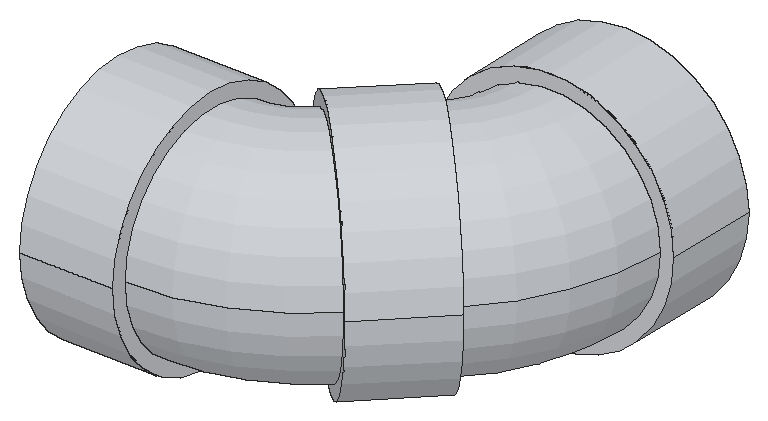
Revit family "DoppelBogen HT", category Rohrfittings, Revit 2012
Parameters (values of type "Standard")
  MuffenRadius [instance] = size_lookup("HTConnector.csv", "Rad", 0.57 * Nenndurchmesser - 0.6 mm, Nenndurchmesser)  # 79.2 mm
  Muffenlänge [instance] = size_lookup("HTConnector.csv", "Lgt", 0.18 * Nenndurchmesser + 34.8 mm, Nenndurchmesser)  # 60 mm
  MuffenDurchmesser [instance] = MuffenRadius * 2  # 158.4 mm
  FittingWinkel [instance] = 90.00°
  Außen-Radius [instance] = size_lookup("HTConnector.csv", "ORad", 0.53 * Nenndurchmesser - 0.6 mm, Nenndurchmesser)  # 73.6 mm
  Nennradius [instance] = 70 mm
  Nenndurchmesser [instance] = Nennradius * 2  # 140 mm
  Verlustberechnungsmethode = K-Koeffizient aus Tabelle
  Name der Abruftabelle = "Elbow HT.csv"
  K Coefficient Table = (empty or 0)
  Abstand Mittelpunkt Ende [instance] = (sin(Winkel) * Muffenlänge) + Bogenradius  # 122.426 mm
  Bogenradius [instance] = size_lookup(Name der Abruftabelle, "CRad", 0.54 * Nenndurchmesser + 4.4 mm, Nenndurchmesser, Winkel)  # 80 mm
  Winkel [instance] = 45.00°
Reference planes
  plane 1 "Mitte (Vorne/Hinten)": y = 0
  plane 2: z = 0
  plane 3 "Mitte (Links/Rechts)": x = 0
  plane 4: x = -122.426
  plane 5: y = 80
  plane 6: x = -182.426
  plane 7: y = 122.426
  plane 8: x = -80
  plane 9: y = 182.426
Forms (mm)
  Sweep 1, solid, detail levels fine
    path in 3D
      loop
        line (-182.426, 0, 0) -> (-122.426, 0, 0)
    profile origin (-152.426, 0, 0) x (0, 1, 0) y (0, 0, 1)
      loop
        circle (0, 0) r 79.2
  Sweep 2, solid, detail levels fine
    path in 3D
      loop
        arc (-122.426, 0, 0) -> (-91.812, 6.09, 0) -> (-65.858, 23.431, 0) r 80
    profile "HT_Profile : Fitting" origin (-91.812, 6.09, 0) x (-0.382683, 0.92388, 0) y (0, 0, 1)
      loop
        circle (0, 0) r 70
  Sweep 3, solid, detail levels fine
    path in 3D
      loop
        line (-65.858, 23.431, 0) -> (-23.431, 65.858, 0)
    profile origin (-44.645, 44.645, 0) x (-0.707107, 0.707107, 0) y (0, 0, 1)
      loop
        circle (0, 0) r 79.2
  Sweep 4, solid
    path in 3D
      loop
        arc (-23.431, 65.858, 0) -> (-6.09, 91.812, 0) -> (0, 122.426, 0) r 80
    profile "HT_Profile : Fitting" origin (-6.09, 91.812, 0) x (-0.92388, 0.382683, 0) y (0, 0, 1)
      loop
        circle (0, 0) r 70
  Sweep 5, solid
    path in 3D
      loop
        line (0, 122.426, 0) -> (0, 182.426, 0)
    profile "HT_Profile : Coupling" origin (0, 152.426, 0) x (-1, 0, 0) y (0, 0, 1)
      loop
        circle (0, 0) r 79.2
Lines and regions (mm)
  reference lines
    curve 1: line (-182.426, 0, 0) -> (-122.426, 0, 0)
    curve 2: arc (-122.426, 0, 0) -> (-91.812, 6.09, 0) -> (-65.858, 23.431, 0) r 80
    curve 3: line (-65.858, 23.431, 0) -> (-23.431, 65.858, 0)
    curve 16: arc (-23.431, 65.858, 0) -> (-6.09, 91.812, 0) -> (0, 122.426, 0) r 80
    curve 17: line (0, 122.426, 0) -> (0, 182.426, 0)
  sketch lines
    curve 4: line (-182.426, 0, 0) -> (-122.426, 0, 0)
    curve 5: arc (-122.426, 0, 0) -> (-91.812, 6.09, 0) -> (-65.858, 23.431, 0) r 80
    curve 6: line (-65.858, 23.431, 0) -> (-23.431, 65.858, 0)
    curve 18: arc (-23.431, 65.858, 0) -> (-6.09, 91.812, 0) -> (0, 122.426, 0) r 80
    curve 19: line (0, 122.426, 0) -> (0, 182.426, 0)
  model lines, detail levels coarse+medium
    curve 7: line (-182.426, 0, 0) -> (-122.426, 0, 0)
    curve 8: arc (-122.426, 0, 0) -> (-91.812, 6.09, 0) -> (-65.858, 23.431, 0) r 80
    curve 9: line (-65.858, 23.431, 0) -> (-23.431, 65.858, 0)
    curve 10: line (-182.426, 70, 0) -> (-182.426, -70, 0)
  model lines, style "Symbol", detail levels coarse+medium
    curve 11: line (-182.426, 0, 0) -> (-122.426, 0, 0)
    curve 12: arc (-122.426, 0, 0) -> (-91.812, 6.09, 0) -> (-65.858, 23.431, 0) r 80
    curve 13: line (-65.858, 23.431, 0) -> (-23.431, 65.858, 0)
    curve 14: line (-182.426, 0, 70) -> (-182.426, 0, -70)
    curve 15: line (-182.426, 70, 0) -> (-182.426, -70, 0)
Dimensions and locks
  "Abstand Mittelpunkt Ende": plane 4 to plane 3 "Mitte (Links/Rechts)"
  "Bogenradius": plane 5 to plane 1 "Mitte (Vorne/Hinten)"
  "Muffenlänge": plane 6 to plane 4
  "Muffenlänge": curve 3 to curve 3
  locked: plane 5 to curve 2 at 0
  locked: curve 2 to plane 4 at 0
  "Muffenlänge": curve 9 to curve 9
  equal spacing: curve 10, plane 1 "Mitte (Vorne/Hinten)", curve 10
  "Nennradius": plane 1 "Mitte (Vorne/Hinten)" to curve 10
  "Muffenlänge": curve 13 to curve 13
  equal spacing: curve 14, plane 2, curve 14
  "Nennradius": curve 14 to plane 2
  equal spacing: curve 15, plane 1 "Mitte (Vorne/Hinten)", curve 15
  "Nennradius": plane 1 "Mitte (Vorne/Hinten)" to curve 15
  "Abstand Mittelpunkt Ende": plane 1 "Mitte (Vorne/Hinten)" to plane 7
  "Bogenradius": plane 8 to plane 3 "Mitte (Links/Rechts)"
  "Muffenlänge": plane 9 to plane 7
  "Bogenradius": radius of curve 2
  "MuffenRadius": radius of Sweep 1 sketch curve
  "MuffenRadius": radius of Sweep 3 sketch curve
  "Bogenradius": radius of curve 8
  "Bogenradius": radius of curve 12
  "Bogenradius": radius of curve 16
  "Winkel": angle curve 2 to curve 2
  "Winkel": angle plane 1 "Mitte (Vorne/Hinten)" to curve 3
  "Winkel": angle curve 8 to curve 8
  "Winkel": angle plane 1 "Mitte (Vorne/Hinten)" to curve 9
  "Winkel": angle curve 12 to curve 12
  "Winkel": angle plane 1 "Mitte (Vorne/Hinten)" to curve 13
  "Winkel": angle curve 16 to curve 16
  aligned and locked: plane 6 to curve 1
  aligned and locked: plane 1 "Mitte (Vorne/Hinten)" to curve 1
  aligned and locked: plane 4 to curve 2
  aligned and locked: plane 6 to curve 7
  aligned and locked: plane 1 "Mitte (Vorne/Hinten)" to curve 7
  aligned and locked: plane 4 to curve 8
  aligned and locked: curve 10 to plane 6
  aligned and locked: plane 1 "Mitte (Vorne/Hinten)" to curve 11
  aligned and locked: curve 14 to plane 6
  aligned and locked: curve 15 to plane 6
Automatic sketch dimensions
  Sweep 1 sketch curve to profile plane = 0 mm  (x2)
  Sweep 3 sketch curve to profile plane = 0 mm
  profile plane to Sweep 3 sketch curve = 0 mm
  curve 17 to plane 9 = 0 mm
Connectors
  piping at (-182.426, 0, 0), driven by "Nennradius", driven by "FittingWinkel"
    settings: on Sweep 1, index 1, connector radius 70 mm, flow factor 0, pipe flow 0.0 L/s, pressure drop 0.0 Pa, fitting loss kfactor 0, connector angle 90.00°, fixture units 0, engagement length 0 mm, flow configuration 0, flow direction 0, fitting loss method 0, system type 28, joint type 0, gender type 0, connector reference index 2, connector utility 0, adjustable connector no, is connector primary yes, fitting loss table "", connector description ""
  piping at (0, 182.426, 0), driven by "FittingWinkel", driven by "Nennradius"
    settings: on Sweep 5, index 2, connector radius 70 mm, flow factor 0, pipe flow 0.0 L/s, pressure drop 0.0 Pa, fitting loss kfactor 0, connector angle 90.00°, fixture units 0, engagement length 0 mm, flow configuration 0, flow direction 0, fitting loss method 0, system type 28, joint type 0, gender type 0, connector reference index 1, connector utility 0, adjustable connector no, is connector primary no, fitting loss table "", connector description ""
